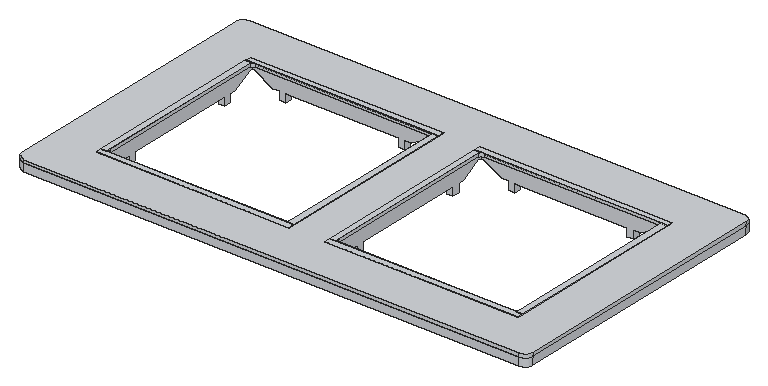
Revit family "Gira_0212335", category Electrical Fixtures, host Face, Revit 2017
Family settings
  Host = Face
  Maintain Annotation Orientation = No
  Round Connector Dimension = Use Diameter
  Part Type = Normal
  Cut with Voids When Loaded = No
  Shared = No
  Room Calculation Point = No
Parameters (values of type "Abdeckrahmen 2f flach Gira E2 Edelstahl")
  Werkstoffgüte = "edelstahl"
  Werkstoff = "Metall"
  URL = "http://katalog.gira.de/de_DE/datenblatt.html?artikelnr=0212335"
  Transparent = "No"
  Textfeld/Beschriftungsfläche = "No"
  Schutzart (IP) = "IP20"
  Region = "DE"
  Oberfläche = "sonstige"
  Name = "Abdeckrahmen 2f flach Gira E2 Edelstahl"
  Montagerichtung = "horizontal und vertikal"
  Mit Montagerahmen = "No"
  Mit Klappdeckel = "No"
  Manufacturer URL = "https://www.gira.de/"
  Keynote = "E2flach_Rahmen_2fach"
  HeinzeBIM = "https://bimportal.heinze.de/bim/abdeckrahmen-2f-flach-gira-e2-edelstahl/4ad8ae1b0422b8fed84a34b51ca93d98c8395551"
  Halogenfrei = "No"
  HAN = "0212335"
  Geeignet für Unterputz-Installation = "Yes"
  Geeignet für Unterflurkanaldose = "No"
  Geeignet für Geräteeinbaukanal = "No"
  Geeignet für Einbauinstallation = "No"
  GTIN = "4010337019862"
  Farbe = "edelstahl"
  Default Elevation = 1219.2 mm
  Data sheet (1) = "https://katalog.gira.de/de_DE/download.html?artikelnr=0212335"
  Category = "Abdeckrahmen"
  Befestigungsart = "Klemmbefestigung"
  Available = "Yes"
  Anzahl der Einheiten vertikal = "2 "
  Anzahl der Einheiten horizontal = "2 "
  Anzahl der Einheiten = "2 "
Reference planes
  plane 1 "Center (Front/Back)": y = 0
  plane 2: z = 0
  plane 3 "Center (Left/Right)": x = 0
Forms (mm)
  Extrusion 1, solid, detail levels fine
    sketch origin (0, 0, 0) x (1, 0, 0) y (0, 1, 0)
      loop
        arc (-77, 43.9) -> (-78.768, 43.168) -> (-79.5, 41.4) r 2.5
        line (-79.5, 41.4) -> (-79.5, -41.4)
        arc (-79.5, -41.4) -> (-78.768, -43.168) -> (-77, -43.9) r 2.5
        line (-77, -43.9) -> (77, -43.9)
        arc (77, -43.9) -> (78.768, -43.168) -> (79.5, -41.4) r 2.5
        line (79.5, -41.4) -> (79.5, 41.4)
        arc (79.5, 41.4) -> (78.768, 43.168) -> (77, 43.9) r 2.5
        line (77, 43.9) -> (-77, 43.9)
      loop
        spline (-63.744, -27.245) -> (-63.736, -27.363) -> (-63.713, -27.478) -> (-63.675, -27.589) -> (-63.623, -27.695) -> (-63.558, -27.792) -> (-63.481, -27.881) -> (-63.392, -27.958) -> (-63.295, -28.023) -> (-63.189, -28.075) -> (-63.078, -28.113) -> (-62.963, -28.136) -> (-62.845, -28.144)
        line (-62.845, -28.144) -> (-8.355, -28.144)
        spline (-8.355, -28.144) -> (-8.237, -28.136) -> (-8.122, -28.113) -> (-8.011, -28.075) -> (-7.905, -28.023) -> (-7.808, -27.958) -> (-7.719, -27.881) -> (-7.642, -27.792) -> (-7.577, -27.695) -> (-7.525, -27.589) -> (-7.487, -27.478) -> (-7.464, -27.363) -> (-7.456, -27.245)
        line (-7.456, -27.245) -> (-7.456, 27.245)
        spline (-7.456, 27.245) -> (-7.464, 27.363) -> (-7.487, 27.478) -> (-7.525, 27.589) -> (-7.577, 27.695) -> (-7.642, 27.792) -> (-7.719, 27.881) -> (-7.808, 27.958) -> (-7.905, 28.023) -> (-8.011, 28.075) -> (-8.122, 28.113) -> (-8.237, 28.136) -> (-8.355, 28.144)
        line (-8.355, 28.144) -> (-62.845, 28.144)
        spline (-62.845, 28.144) -> (-62.963, 28.136) -> (-63.078, 28.113) -> (-63.189, 28.075) -> (-63.295, 28.023) -> (-63.392, 27.958) -> (-63.481, 27.881) -> (-63.558, 27.792) -> (-63.623, 27.695) -> (-63.675, 27.589) -> (-63.713, 27.478) -> (-63.736, 27.363) -> (-63.744, 27.245)
        line (-63.744, 27.245) -> (-63.744, -27.245)
      loop
        spline (62.845, -28.144) -> (62.963, -28.136) -> (63.078, -28.113) -> (63.189, -28.075) -> (63.295, -28.023) -> (63.392, -27.958) -> (63.481, -27.881) -> (63.558, -27.792) -> (63.623, -27.695) -> (63.675, -27.589) -> (63.713, -27.478) -> (63.736, -27.363) -> (63.744, -27.245)
        line (63.744, -27.245) -> (63.744, 27.245)
        spline (63.744, 27.245) -> (63.736, 27.363) -> (63.713, 27.478) -> (63.675, 27.589) -> (63.623, 27.695) -> (63.558, 27.792) -> (63.481, 27.881) -> (63.392, 27.958) -> (63.295, 28.023) -> (63.189, 28.075) -> (63.078, 28.113) -> (62.963, 28.136) -> (62.845, 28.144)
        line (62.845, 28.144) -> (8.355, 28.144)
        spline (8.355, 28.144) -> (8.237, 28.136) -> (8.122, 28.113) -> (8.011, 28.075) -> (7.905, 28.023) -> (7.808, 27.958) -> (7.719, 27.881) -> (7.642, 27.792) -> (7.577, 27.695) -> (7.525, 27.589) -> (7.487, 27.478) -> (7.464, 27.363) -> (7.456, 27.245)
        line (7.456, 27.245) -> (7.456, -27.245)
        spline (7.456, -27.245) -> (7.464, -27.363) -> (7.487, -27.478) -> (7.525, -27.589) -> (7.577, -27.695) -> (7.642, -27.792) -> (7.719, -27.881) -> (7.808, -27.958) -> (7.905, -28.023) -> (8.011, -28.075) -> (8.122, -28.113) -> (8.237, -28.136) -> (8.355, -28.144)
        line (8.355, -28.144) -> (62.845, -28.144)
    from 2.5 to 3.4
  Extrusion 2, solid, detail levels fine
    sketch origin (0, 0, 0) x (1, 0, 0) y (0, 1, 0)
      loop
        arc (-77, 43.9) -> (-78.768, 43.168) -> (-79.5, 41.4) r 2.5
        line (-79.5, 41.4) -> (-79.5, -41.4)
        arc (-79.5, -41.4) -> (-78.768, -43.168) -> (-77, -43.9) r 2.5
        line (-77, -43.9) -> (77, -43.9)
        arc (77, -43.9) -> (78.768, -43.168) -> (79.5, -41.4) r 2.5
        line (79.5, -41.4) -> (79.5, 41.4)
        arc (79.5, 41.4) -> (78.768, 43.168) -> (77, 43.9) r 2.5
        line (77, 43.9) -> (-77, 43.9)
      loop
        arc (-77, 43.4) -> (-78.414, 42.814) -> (-79, 41.4) r 2
        line (-79, 41.4) -> (-79, -41.4)
        arc (-79, -41.4) -> (-78.414, -42.814) -> (-77, -43.4) r 2
        line (-77, -43.4) -> (77, -43.4)
        arc (77, -43.4) -> (78.414, -42.814) -> (79, -41.4) r 2
        line (79, -41.4) -> (79, 41.4)
        arc (79, 41.4) -> (78.414, 42.814) -> (77, 43.4) r 2
        line (77, 43.4) -> (-77, 43.4)
    from 0 to 2.5
  Extrusion 3, solid, detail levels fine
    sketch origin (-35.6, 0, 0) x (1, 0, 0) y (0, 0, 1)
      loop
        line (-17.5, -4.06) -> (-17.5, -1.56) -> (17.5, -1.56) -> (17.5, -4.06) -> (19.5, -4.06) -> (19.5, -1.56) -> (21.654, -1.56) -> (27.214, 1.65) -> (30, 1.65) -> (30, 3.4) -> (-30, 3.4) -> (-30, 1.65) -> (-27.214, 1.65) -> (-21.654, -1.56) -> (-19.5, -1.56) -> (-19.5, -4.06) -> (-17.5, -4.06)
    from 28.144 to 30
  Extrusion 4, solid, detail levels fine
    sketch origin (-35.6, 0, 0) x (0, -1, 0) y (0, 0, -1)
      loop
        line (-17.5, 4.06) -> (-19.5, 4.06) -> (-19.5, 1.56) -> (-21.654, 1.56) -> (-27.214, -1.65) -> (-28.144, -1.65) -> (-28.144, -3.4) -> (28.144, -3.4) -> (28.144, -1.65) -> (27.214, -1.65) -> (21.654, 1.56) -> (19.5, 1.56) -> (19.5, 4.06) -> (17.5, 4.06) -> (17.5, 1.56) -> (-17.5, 1.56) -> (-17.5, 4.06)
    from 28.144 to 30
  Extrusion 5, solid, detail levels medium
    sketch origin (-35.6, 0, 0) x (0, -1, 0) y (0, 0, 1)
      loop
        line (-17.5, -4.06) -> (-17.5, -1.56) -> (17.5, -1.56) -> (17.5, -4.06) -> (19.5, -4.06) -> (19.5, -1.56) -> (28.144, -1.56) -> (28.144, 3.4) -> (-28.144, 3.4) -> (-28.144, -1.56) -> (-19.5, -1.56) -> (-19.5, -4.06) -> (-17.5, -4.06)
    from 28.144 to 30
  Extrusion 6, solid, detail levels fine
    sketch origin (-35.6, 0, 0) x (1, 0, 0) y (0, 0, -1)
      loop
        line (-17.5, 4.06) -> (-19.5, 4.06) -> (-19.5, 1.56) -> (-21.654, 1.56) -> (-27.214, -1.65) -> (-30, -1.65) -> (-30, -3.4) -> (30, -3.4) -> (30, -1.65) -> (27.214, -1.65) -> (21.654, 1.56) -> (19.5, 1.56) -> (19.5, 4.06) -> (17.5, 4.06) -> (17.5, 1.56) -> (-17.5, 1.56) -> (-17.5, 4.06)
    from 28.144 to 30
  Extrusion 7, solid, detail levels coarse
    sketch origin (0, 0, 0) x (1, 0, 0) y (0, 1, 0)
      loop
        line (-79.5, 43.9) -> (-79.5, -43.9) -> (79.5, -43.9) -> (79.5, 43.9) -> (-79.5, 43.9)
    from -4.06 to 3.4
  Extrusion 8, solid, detail levels medium
    sketch origin (0, 0, 0) x (1, 0, 0) y (0, 1, 0)
      loop
        line (-79.5, 43.9) -> (-79.5, -43.9) -> (79.5, -43.9) -> (79.5, 43.9) -> (-79.5, 43.9)
    from 0 to 3.4
  Extrusion 9, solid, detail levels medium
    sketch origin (-35.6, 0, 0) x (1, 0, 0) y (0, 0, 1)
      loop
        line (-17.5, -4.06) -> (-17.5, -1.56) -> (17.5, -1.56) -> (17.5, -4.06) -> (19.5, -4.06) -> (19.5, -1.56) -> (30, -1.56) -> (30, 3.4) -> (-30, 3.4) -> (-30, -1.56) -> (-19.5, -1.56) -> (-19.5, -4.06) -> (-17.5, -4.06)
    from 28.144 to 30
  Extrusion 10, solid, detail levels medium
    sketch origin (-35.6, 0, 0) x (1, 0, 0) y (0, 0, -1)
      loop
        line (-17.5, 4.06) -> (-19.5, 4.06) -> (-19.5, 1.56) -> (-30, 1.56) -> (-30, -3.4) -> (30, -3.4) -> (30, 1.56) -> (19.5, 1.56) -> (19.5, 4.06) -> (17.5, 4.06) -> (17.5, 1.56) -> (-17.5, 1.56) -> (-17.5, 4.06)
    from 28.144 to 30
  Extrusion 11, solid, detail levels medium
    sketch origin (-35.6, 0, 0) x (0, -1, 0) y (0, 0, -1)
      loop
        line (-17.5, 4.06) -> (-19.5, 4.06) -> (-19.5, 1.56) -> (-28.144, 1.56) -> (-28.144, -3.4) -> (28.144, -3.4) -> (28.144, 1.56) -> (19.5, 1.56) -> (19.5, 4.06) -> (17.5, 4.06) -> (17.5, 1.56) -> (-17.5, 1.56) -> (-17.5, 4.06)
    from 28.144 to 30
  Extrusion 12, solid, detail levels fine
    sketch origin (35.6, 0, 0) x (-1, 0, 0) y (0, 0, -1)
      loop
        line (-17.5, 4.06) -> (-19.5, 4.06) -> (-19.5, 1.56) -> (-21.654, 1.56) -> (-27.214, -1.65) -> (-30, -1.65) -> (-30, -3.4) -> (30, -3.4) -> (30, -1.65) -> (27.214, -1.65) -> (21.654, 1.56) -> (19.5, 1.56) -> (19.5, 4.06) -> (17.5, 4.06) -> (17.5, 1.56) -> (-17.5, 1.56) -> (-17.5, 4.06)
    from 28.144 to 30
  Extrusion 13, solid, detail levels fine
    sketch origin (35.6, 0, 0) x (0, -1, 0) y (0, 0, 1)
      loop
        line (-17.5, -4.06) -> (-17.5, -1.56) -> (17.5, -1.56) -> (17.5, -4.06) -> (19.5, -4.06) -> (19.5, -1.56) -> (21.654, -1.56) -> (27.214, 1.65) -> (28.144, 1.65) -> (28.144, 3.4) -> (-28.144, 3.4) -> (-28.144, 1.65) -> (-27.214, 1.65) -> (-21.654, -1.56) -> (-19.5, -1.56) -> (-19.5, -4.06) -> (-17.5, -4.06)
    from 28.144 to 30
  Extrusion 14, solid, detail levels medium
    sketch origin (35.6, 0, 0) x (0, -1, 0) y (0, 0, -1)
      loop
        line (-17.5, 4.06) -> (-19.5, 4.06) -> (-19.5, 1.56) -> (-28.144, 1.56) -> (-28.144, -3.4) -> (28.144, -3.4) -> (28.144, 1.56) -> (19.5, 1.56) -> (19.5, 4.06) -> (17.5, 4.06) -> (17.5, 1.56) -> (-17.5, 1.56) -> (-17.5, 4.06)
    from 28.144 to 30
  Extrusion 15, solid, detail levels fine
    sketch origin (35.6, 0, 0) x (-1, 0, 0) y (0, 0, 1)
      loop
        line (-17.5, -4.06) -> (-17.5, -1.56) -> (17.5, -1.56) -> (17.5, -4.06) -> (19.5, -4.06) -> (19.5, -1.56) -> (21.654, -1.56) -> (27.214, 1.65) -> (30, 1.65) -> (30, 3.4) -> (-30, 3.4) -> (-30, 1.65) -> (-27.214, 1.65) -> (-21.654, -1.56) -> (-19.5, -1.56) -> (-19.5, -4.06) -> (-17.5, -4.06)
    from 28.144 to 30
  Extrusion 16, solid, detail levels medium
    sketch origin (35.6, 0, 0) x (-1, 0, 0) y (0, 0, -1)
      loop
        line (-17.5, 4.06) -> (-19.5, 4.06) -> (-19.5, 1.56) -> (-30, 1.56) -> (-30, -3.4) -> (30, -3.4) -> (30, 1.56) -> (19.5, 1.56) -> (19.5, 4.06) -> (17.5, 4.06) -> (17.5, 1.56) -> (-17.5, 1.56) -> (-17.5, 4.06)
    from 28.144 to 30
  Extrusion 17, solid, detail levels medium
    sketch origin (35.6, 0, 0) x (-1, 0, 0) y (0, 0, 1)
      loop
        line (-17.5, -4.06) -> (-17.5, -1.56) -> (17.5, -1.56) -> (17.5, -4.06) -> (19.5, -4.06) -> (19.5, -1.56) -> (30, -1.56) -> (30, 3.4) -> (-30, 3.4) -> (-30, -1.56) -> (-19.5, -1.56) -> (-19.5, -4.06) -> (-17.5, -4.06)
    from 28.144 to 30
  Extrusion 18, solid, detail levels medium
    sketch origin (35.6, 0, 0) x (0, -1, 0) y (0, 0, 1)
      loop
        line (-17.5, -4.06) -> (-17.5, -1.56) -> (17.5, -1.56) -> (17.5, -4.06) -> (19.5, -4.06) -> (19.5, -1.56) -> (28.144, -1.56) -> (28.144, 3.4) -> (-28.144, 3.4) -> (-28.144, -1.56) -> (-19.5, -1.56) -> (-19.5, -4.06) -> (-17.5, -4.06)
    from 28.144 to 30
  Extrusion 19, solid, detail levels fine
    sketch origin (-93.744, 0, 0) x (0, -1, 0) y (0, 0, -1)
      loop
        line (-17.5, 4.06) -> (-19.5, 4.06) -> (-19.5, 1.56) -> (-21.654, 1.56) -> (-27.214, -1.65) -> (-28.144, -1.65) -> (-28.144, -3.4) -> (28.144, -3.4) -> (28.144, -1.65) -> (27.214, -1.65) -> (21.654, 1.56) -> (19.5, 1.56) -> (19.5, 4.06) -> (17.5, 4.06) -> (17.5, 1.56) -> (-17.5, 1.56) -> (-17.5, 4.06)
    from 28.144 to 30
  Extrusion 20, solid, detail levels fine
    sketch origin (93.744, 0, 0) x (0, -1, 0) y (0, 0, 1)
      loop
        line (-17.5, -4.06) -> (-17.5, -1.56) -> (17.5, -1.56) -> (17.5, -4.06) -> (19.5, -4.06) -> (19.5, -1.56) -> (21.654, -1.56) -> (27.214, 1.65) -> (28.144, 1.65) -> (28.144, 3.4) -> (-28.144, 3.4) -> (-28.144, 1.65) -> (-27.214, 1.65) -> (-21.654, -1.56) -> (-19.5, -1.56) -> (-19.5, -4.06) -> (-17.5, -4.06)
    from 28.144 to 30
Dimensions and locks
  aligned and locked: plane 2 to host face
  aligned and locked: level to host face
